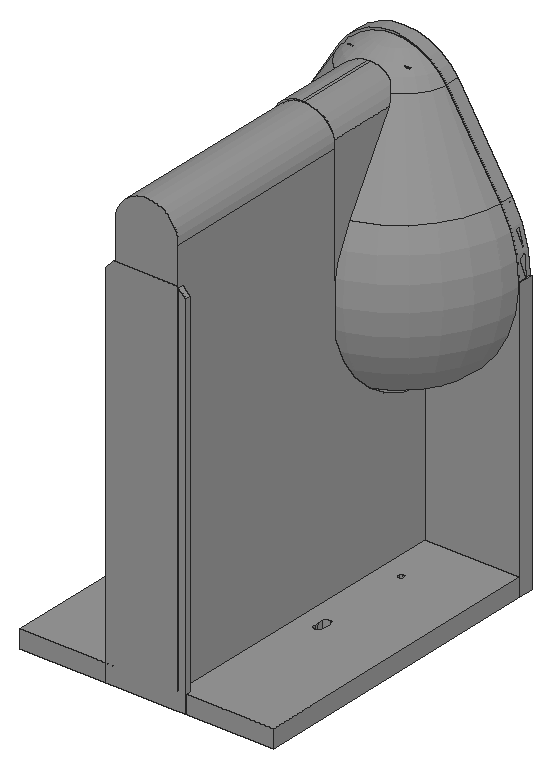
Revit family "Toilet-Willoughby-1490-ASETWS-FM-FA-TS-HC", category Plumbing Fixtures, Revit 2015
Parameters (values of type "Standard")
  Waste DIA = 2 3/8"
  Waste Connection = yes
  W-RAD [instance] = Waste DIA / 2  # 0' - 1 3/16"
  Vent Connection = no
  URL = "https://www.willoughby-ind.com/wp-content/uploads/2018/01/ASETWS-1490-FM-FA.pdf"
  Type Comments = ""
  Revision = "A"
  Model = "ASETWS-1490-FM-FA-TS-HC"
  Manufacturer = "Willoughby Industries"
  HW Connection = no
  Flush inlet DIA = 1 1/2"
  Flush Inlet Connection = yes
  Fixture Body = Stainless Steel AISI 304-Willoughby
  F-RAD [instance] = Flush inlet DIA / 2  # 0' - 0 3/4"
  Description = "Ligature resistant, Wall Outlet, Floor Mounted, siphon jet Toilet, Front Access, Top Spud, Handicap Seat Height"
  Default Elevation = 0' - 0"
  Contact Number = "(800) 428-4065"
  CW Connection = no
Reference planes (in)
  plane 1 "Base": y = -16.25
  plane 2: z = 0
  plane 3 "Center": x = 18.31072
  plane 4 "ref": y = -4.75
  plane 5: y = -1.25
  plane 6: z = -6.75
  plane 7: y = -2.125
  plane 8: y = -14.0625
  plane 9: x = 16.56072
  plane 10: x = 20.06072
  plane 11: x = 11.56072
  plane 12: x = 25.06072
  plane 13: z = -3
  plane 14: z = 25
  plane 15 "Waste HGT": y = -10.75
  plane 16: y = -3.125
  plane 17: y = -19.25
Forms (in)
  Extrusion 1, solid, material "Stainless Steel AISI 304-Willoughby" <- "Fixture Body"
    sketch origin (16.08109, 7.47968, -7.1422) x (-1, 0, 0) y (0, 0, -1)
      loop
        line (4.79775, -22.86304) -> (4.83287, -22.86304) -> (4.83287, -7.1422) -> (-2.22963, -7.1422) -> (-9.29213, -7.1422) -> (-9.29213, -22.86304) -> (-9.20225, -22.86304)
        arc (-9.20225, -22.86304) -> (-8.94967, -24.72647) -> (-8.21015, -26.45542) r 7
        line (-8.21015, -26.45542) -> (-5.16818, -31.31054)
        arc (-5.16818, -31.31054) -> (-2.20225, -32.95225) -> (0.76368, -31.31054) r 3.5
        line (0.76368, -31.31054) -> (3.80565, -26.45542)
        arc (3.80565, -26.45542) -> (4.54517, -24.72647) -> (4.79775, -22.86304) r 7
      loop
        arc (2.03989, -24.70557) -> (-2.20225, -18.23804) -> (-6.44438, -24.70557) r 4.625
        line (-6.44438, -24.70557) -> (-4.04125, -30.23842)
        arc (-4.04125, -30.23842) -> (-2.20225, -31.45225) -> (-0.36324, -30.23842) r 2
        line (-0.36324, -30.23842) -> (2.03989, -24.70557)
    from 8.72968 to 9.5
  Revolve 2, solid, material "Stainless Steel AISI 304-Willoughby" <- "Fixture Body"
    sketch origin (19.37246, -1.52032, -3.93826) x (-1, 0, 0) y (0, 0, -1)
      loop
        line (1.06174, -12.59906) -> (1.06174, -12.84906)
        arc (1.06174, -12.84906) -> (6.96784, -16.33096) -> (6.78077, -23.18447) r 6.75
        line (6.78077, -23.18447) -> (3.81535, -27.91457)
        arc (3.81535, -27.91457) -> (2.63527, -29.03194) -> (1.06174, -29.43826) r 3.25
        line (1.06174, -29.43826) -> (1.06174, -29.68826)
        arc (1.06174, -29.68826) -> (2.75672, -29.25045) -> (4.02767, -28.04656) r 3.5
        line (4.02767, -28.04656) -> (7.06964, -23.19143)
        arc (7.06964, -23.19143) -> (7.15052, -16.14555) -> (1.06174, -12.59906) r 7
      axis (1.06174, -12.59906) -> (1.06174, -29.68826)
    angle from 0 to -180
  Extrusion 3, solid, material "Stainless Steel AISI 304-Willoughby" <- "Fixture Body"
    sketch origin (19.53334, -3.02032, -4.9508) x (0, 1, 0) y (0, 0, 1)
      loop
        line (-5.27082, 4.9508) -> (1, 4.9508) -> (1, 13.76086)
        arc (1, 13.76086) -> (-2.93256, 15.26109) -> (-5.27082, 18.76086) r 6.92744
        line (-5.27082, 18.76086) -> (-5.27082, 4.9508)
    from 0.52738 to -2.97262
  Extrusion 4, solid, material "Stainless Steel AISI 304-Willoughby" <- "Fixture Body"
    sketch origin (0, 8.59309, -3) x (1, 0, 0) y (0, 1, 0)
      loop
        circle (18.31072, -19.34309) r 1.1875
    from 5.5 to 0
  Extrusion 5, solid, material "Stainless Steel AISI 304-Willoughby" <- "Fixture Body"
    sketch origin (0, -16.25, 0) x (1, 0, 0) y (0, 0, 1)
      loop
        line (25.37322, 0) -> (25.37322, 1) -> (11.24822, 1) -> (11.24822, 0) -> (25.37322, 0)
    from -14.22968 to 3
  Extrusion 6, solid, material "Stainless Steel AISI 304-Willoughby" <- "Fixture Body"
    sketch origin (0, -16.25, 0) x (1, 0, 0) y (0, 0, 1)
      loop
        line (20.06072, 0) -> (20.06072, 23.28412)
        arc (20.06072, 23.28412) -> (18.31072, 25.03412) -> (16.56072, 23.28412) r 1.75
        line (16.56072, 23.28412) -> (16.56072, 0) -> (20.06072, 0)
    from 3 to -7.95886
  Extrusion 7, solid, material "Stainless Steel AISI 304-Willoughby" <- "Fixture Body"
    sketch origin (-0.06578, -16.25, 7) x (1, 0, 0) y (0, 0, 1)
      loop
        line (20.06072, -7) -> (20.56072, -7) -> (20.56072, 13.75) -> (20.06072, 14.25) -> (16.56072, 14.25) -> (16.06072, 13.75) -> (16.06072, -7) -> (16.56072, -7) -> (20.06072, -7)
    from 3 to 2.73663
  Extrusion 8, solid, material "Stainless Steel AISI 304-Willoughby" <- "Fixture Body"
    sketch origin (18.31072, 0, 0) x (0, 1, 0) y (0, 0, 1)
      loop
        line (-3.0438, 25.03193) -> (-8.29114, 25.03193) -> (-8.29114, 16.73622)
        arc (-8.29114, 16.73622) -> (-8.25839, 17.11069) -> (-8.16113, 17.47379) r 2.15729
        arc (-8.16113, 17.47379) -> (-7.78826, 18.37428) -> (-7.33828, 19.23882) r 11.16687
        arc (-7.33828, 19.23882) -> (-5.85557, 21.70663) -> (-4.28753, 24.12112) r 82.3759
        arc (-4.28753, 24.12112) -> (-3.71235, 24.64027) -> (-3.0438, 25.03193) r 3.79911
    from 1.75 to -1.75
  Extrusion 9, void
    sketch origin (0, -16.25, 0) x (1, 0, 0) y (0, 0, 1)
      loop
        arc (16.43207, 23.28193) -> (16.94463, 24.51936) -> (18.18207, 25.03193) r 1.75
        line (18.18207, 25.03193) -> (16.43207, 25.03193) -> (16.43207, 23.28193)
    from -7.95886 to -13.18331
  Extrusion 10, void
    sketch origin (0, -16.25, 0) x (1, 0, 0) y (0, 0, 1)
      loop
        arc (18.34313, 25.03193) -> (19.49966, 24.59853) -> (20.12234, 23.53193) r 1.84176
        line (20.12234, 23.53193) -> (20.12234, 25.03193) -> (18.34313, 25.03193)
    from -7.95886 to -13.18919
  Revolve 11, solid
    sketch origin (18.31072, 0, 0) x (0, 1, 0) y (0, 0, 1)
      loop
        line (-1.25, 2.75) -> (-0.5, 2.75) -> (-0.5, 3.5) -> (-1.25, 3.5) -> (-1.25, 2.75)
      axis (-1.25, 2.75) -> (-0.5, 2.75)
    angle from 0 to 360
  Extrusion 12, void
    sketch origin (0, 0, 0) x (1, 0, 0) y (0, 1, 0)
      loop
        line (21.06072, -10.75) -> (21.06072, -11)
        arc (21.06072, -11) -> (21.31072, -11.25) -> (21.56072, -11) r 0.25
        line (21.56072, -11) -> (21.56072, -10.5)
        arc (21.56072, -10.5) -> (21.31072, -10.25) -> (21.06072, -10.5) r 0.25
        line (21.06072, -10.5) -> (21.06072, -10.75)
      loop
        circle (21.31072, -5.25) r 0.15625
      loop
        line (15.56072, -10.75) -> (15.56072, -10.5)
        arc (15.56072, -10.5) -> (15.31072, -10.25) -> (15.06072, -10.5) r 0.25
        line (15.06072, -10.5) -> (15.06072, -11)
        arc (15.06072, -11) -> (15.31072, -11.25) -> (15.56072, -11) r 0.25
        line (15.56072, -11) -> (15.56072, -10.75)
      loop
        circle (15.31072, -5.25) r 0.15625
    from 0 to 1.5
Cuts and joins
  Extrusion 12 cuts Extrusion 3
  Extrusion 12 cuts Extrusion 5
  Extrusion 12 cuts Extrusion 6
  joined: Extrusion 3, Extrusion 5, Extrusion 6
  Extrusion 9, Extrusion 10 cuts Extrusion 8
Lines and regions (in)
  symbolic lines
    curve 1: line (13.81072, -16.25, 0) -> (13.81072, -1.25, 0)
    curve 2: line (22.81072, -16.25, 0) -> (22.81072, -1.25, 0)
    curve 3: line (13.81072, -19.25, 0) -> (22.81072, -19.25, 0)
    curve 4: line (11.28334, -2.02032, 0) -> (11.28334, -1.25, 0)
    curve 5: line (11.28334, -1.25, 0) -> (25.28334, -1.25, 0)
    curve 6: line (25.28334, -1.25, 0) -> (25.28334, -2.02032, 0)
    curve 7: arc (25.28334, -2.02032, 0) -> (23.08185, -6.64916, 0) -> (18.31072, -8.52239, 0) r 6.97293
    curve 8: arc (18.31072, -8.52239, 0) -> (13.52793, -6.64299, 0) -> (11.28334, -2.02032, 0) r 7.06571
    curve 9: line (16.56072, -8.2982, 0) -> (16.56072, -19.25, 0)
    curve 10: line (20.06072, -19.25, 0) -> (20.06072, -8.30327, 0)
    curve 15: line (13.81072, -16.25, 0) -> (22.81072, -16.25, 0)
    curve 16: line (22.81072, -16.25, 0) -> (22.81072, -16.25, 1)
    curve 17: line (22.81072, -16.25, 1) -> (21.81072, -16.25, 1)
    curve 18: line (21.81072, -16.25, 0) -> (21.81072, -16.25, 9.67456)
    curve 19: line (14.78334, -16.25, 0) -> (14.78334, -16.25, 9.65867)
    curve 20: line (14.78334, -16.25, 1) -> (13.81072, -16.25, 1)
    curve 21: line (13.81072, -16.25, 1) -> (13.81072, -16.25, 0)
    curve 22: line (21.81072, -16.25, 5) -> (14.78334, -16.25, 5)
    curve 23: arc (21.81072, -16.25, 9.67456) -> (25.06245, -16.25, 13.97624) -> (24.29124, -16.25, 19.31322) r 7
    curve 24: line (24.29124, -16.25, 19.31322) -> (21.24927, -16.25, 24.16835)
    curve 25: arc (21.24927, -16.25, 24.16835) -> (19.98923, -16.25, 25.34792) -> (18.31072, -16.25, 25.75) r 3.37397
    curve 26: arc (18.31072, -16.25, 25.75) -> (16.62783, -16.25, 25.31163) -> (15.31741, -16.25, 24.16835) r 3.79331
    curve 27: line (15.31741, -16.25, 24.16835) -> (12.35249, -16.25, 19.43905)
    curve 28: arc (12.35249, -16.25, 19.43905) -> (11.49002, -16.25, 14.03241) -> (14.78334, -16.25, 9.65867) r 7
    curve 34: line (18.31072, -8.45513, 16.43593) -> (18.31072, -18.98663, 16.43593)
    curve 35: line (18.31072, -19.25, 16.5) -> (18.31072, -19.25, 0)
    curve 36: line (18.31072, -16.25, 0) -> (18.31072, 1.75, 0)
    curve 37: line (18.31072, -1.25, 5) -> (18.31072, -1.25, 25.81005)
    curve 38: line (18.31072, -1.25, 25.81005) -> (18.31072, -2.02032, 25.81005)
    curve 39: arc (18.31072, -2.02032, 25.81005) -> (18.31072, -3.17426, 25.3587) -> (18.31072, -4.14211, 24.58504) r 4.1253
    curve 40: line (18.31072, -4.14211, 24.58504) -> (18.31072, -7.52822, 19.25317)
    curve 41: arc (18.31072, -7.52822, 19.25317) -> (18.31072, -8.16721, 17.9023) -> (18.31072, -8.45513, 16.43593) r 6.04234
    curve 42: arc (18.31072, -8.45513, 16.43593) -> (18.31072, -8.2983, 15.12766) -> (18.31072, -8.29114, 13.81005) r 11.57712
    curve 43: arc (18.31072, -8.29114, 13.81005) -> (18.31072, -5.95289, 10.31029) -> (18.31072, -2.02032, 8.81005) r 6.92744
    curve 44: line (18.31072, -1.25, 9.65867) -> (18.31072, -2.02032, 9.65867)
    curve 45: line (18.31072, -2.02032, 9.65867) -> (18.31072, -2.02032, 1)
    curve 46: line (18.31072, -2.02032, 1) -> (18.31072, -19.25, 1)
  symbolic lines, detail levels medium+fine
    curve 11: line (20.06072, -19, 0) -> (20.56072, -19, 0)
    curve 12: line (20.56072, -19, 0) -> (20.56072, -19.25, 0)
    curve 13: line (16.49494, -18.98663, 0) -> (16.06072, -18.98663, 0)
    curve 14: line (16.06072, -18.98663, 0) -> (16.06072, -19.25, 0)
  symbolic lines, detail levels fine
    curve 29: arc (14.0412, -16.25, 17.56337) -> (18.28334, -16.25, 11.09585) -> (22.52547, -16.25, 17.56337) r 4.625
    curve 30: line (22.52547, -16.25, 17.56337) -> (20.12234, -16.25, 23.09622)
    curve 31: arc (20.12234, -16.25, 23.09622) -> (19.38317, -16.25, 23.97635) -> (18.28334, -16.25, 24.31005) r 2.01767
    curve 32: arc (18.28334, -16.25, 24.31005) -> (17.17969, -16.25, 23.98213) -> (16.44433, -16.25, 23.09622) r 1.9827
    curve 33: line (16.44433, -16.25, 23.09622) -> (14.0412, -16.25, 17.56337)
Dimensions and locks (in)
  locked: plane 1 "Base" to plane 5 at 15
  plane 14 to level = 2' - 1"
  plane 5 to plane 1 "Base" = 1' - 3"
  "W-RAD": radius of Extrusion 4 sketch curve
  aligned and locked: plane 3 "Center" to Extrusion 4 sketch curve
  aligned and locked: Extrusion 6 to plane 17
Automatic sketch dimensions
  curve 23 to curve 28 = 0' - 0"  (x2)
  curve 23 to curve 29 = 0' - 0"  (x2)
  curve 28 to curve 29 = 0' - 0"  (x2)
  curve 21 to level = 0' - 0"
  curve 25 to plane 3 "Center" = 0' - 0"
  curve 26 to plane 3 "Center" = 0' - 0"
  curve 29 to plane 3 "Center" = 0' - 0.02738"
  curve 32 to plane 3 "Center" = 0' - 0.03882"
  curve 31 to curve 32 = 0' - 0.0002"
  curve 33 to plane 9 = 0' - 0.11639"
  curve 27 to plane 9 = 0' - 1.24331"
  curve 19 to plane 9 = 0' - 1.77738"
  plane 11 to curve 33 = 0' - 2 123/256"
  curve 15 to curve 19 = 0' - 0.97262"
  plane 11 to curve 27 = 0' - 0.79177"
  plane 3 "Center" to curve 25 = 0' - 0.07942"
  plane 3 "Center" to curve 26 = 0' - 0.08929"
  plane 10 to curve 30 = 0' - 0.06162"
  curve 24 to plane 14 = 0' - 0.83165"
  plane 10 to curve 24 = 0' - 1.18855"
  plane 10 to curve 18 = 0' - 1 3/4"
  plane 10 to curve 30 = 0' - 2.46475"
  curve 17 to curve 16 = 0' - 1"
  curve 24 to plane 12 = 0' - 0.76948"
  curve 15 to curve 16 = 0' - 1"
  curve 15 to curve 21 = 0' - 1"
  curve 20 to curve 19 = 0' - 8.65867"
  curve 19 to curve 18 = 0' - 0.01589"
  curve 19 to curve 28 = 0' - 6.06218"
  curve 33 to curve 27 = 0' - 1.87568"
  curve 26 to plane 14 = 0' - 3.04226"
  curve 31 to curve 25 = 0' - 0.08455"
  curve 31 to curve 32 = 0' - 0.03496"
  curve 33 to curve 26 = 0' - 1.07212"
  curve 30 to curve 24 = 0' - 1.07212"
  curve 17 to curve 22 = 0' - 4"
  Revolve 2 sketch curve to Revolve 2 sketch curve = 0' - 0"  (x2)
  Revolve 2 sketch curve to plane 3 "Center" = 0' - 0"  (x3)
  plane 3 "Center" to Revolve 2 sketch curve = 0' - 0"
  Revolve 2 sketch curve to plane 9 = 0' - 1.00361"
  Revolve 2 sketch curve to plane 14 = 0' - 0.8917"
  Revolve 2 sketch curve to Revolve 2 sketch curve = 0' - 0.21232"
  plane 11 to Revolve 2 sketch curve = 0' - 1.03097"
  Revolve 2 sketch curve to Revolve 2 sketch curve = 0' - 0.28887"
  plane 14 to Revolve 2 sketch curve = 0' - 0 1/2"
  Revolve 2 sketch curve to Revolve 2 sketch curve = 0' - 0 1/4"
  Revolve 2 sketch curve to Revolve 2 sketch curve = 0' - 0.13199"
  Revolve 2 sketch curve to Revolve 2 sketch curve = 0' - 4.85513"
  Revolve 2 sketch curve to Revolve 2 sketch curve = 0' - 0.00696"
  Revolve 2 sketch curve to Revolve 2 sketch curve = 0' - 6.5892"
  Revolve 2 sketch curve to Revolve 2 sketch curve = 0' - 3 1/4"
  Revolve 2 sketch curve to Revolve 2 sketch curve = 0' - 2.4108"
  Extrusion 3 sketch curve to level = 0' - 0"
  plane 4 "ref" to Extrusion 3 sketch curve = 0' - 3.54114"
  plane 7 to Extrusion 3 sketch curve = 0' - 0.10468"
  plane 5 to Extrusion 3 sketch curve = 0' - 0.38413"
  Extrusion 3 sketch curve to Extrusion 3 sketch curve = 0' - 8.81005"
  Extrusion 3 sketch curve to Extrusion 3 sketch curve = 0' - 5"
  Extrusion 6 sketch curve to level = 0' - 0"
  Extrusion 6 sketch curve to plane 9 = 0' - 0"
  Extrusion 6 sketch curve to plane 3 "Center" = 0' - 0"
  Extrusion 6 sketch curve to plane 14 = 0' - 1.71588"
  Extrusion 7 sketch curve to level = 0' - 0"
  Extrusion 7 sketch curve to plane 9 = 0' - 0.56578"
  Extrusion 7 sketch curve to plane 9 = 0' - 0.06578"  (x2)
  Extrusion 7 sketch curve to plane 10 = 0' - 0.06578"  (x2)
  plane 10 to Extrusion 7 sketch curve = 0' - 0.43422"
  Extrusion 7 sketch curve to plane 14 = 0' - 4 1/4"  (x2)
  Extrusion 7 sketch curve to Extrusion 7 sketch curve = 0' - 0 1/2"
  plane 14 to Extrusion 8 sketch curve = 0' - 0.03193"
  plane 4 "ref" to Extrusion 8 sketch curve = 0' - 3.54114"
  plane 4 "ref" to Extrusion 8 sketch curve = 0' - 1.38385"
  Extrusion 8 sketch curve to plane 7 = 0' - 0.9188"
  plane 5 to Extrusion 8 sketch curve = 0' - 0.21771"
  Extrusion 8 sketch curve to plane 6 = 1' - 3.19552"
  Extrusion 8 sketch curve to plane 14 = 0' - 11.34412"
  Extrusion 8 sketch curve to plane 14 = 0' - 8.26378"
  Extrusion 8 sketch curve to plane 14 = 0' - 3.42484"
  Extrusion 8 sketch curve to Extrusion 8 sketch curve = 0' - 0"  (x2)
  plane 14 to Extrusion 9 sketch curve = 0' - 0.03193"
  Extrusion 9 sketch curve to plane 9 = 0' - 0.12865"
  Extrusion 9 sketch curve to plane 3 "Center" = 0' - 0.12865"
  plane 3 "Center" to Extrusion 10 sketch curve = 0' - 0.0018"
  plane 14 to Extrusion 10 sketch curve = 0' - 0.03193"
  plane 10 to Extrusion 10 sketch curve = 0' - 0.06162"
  plane 3 "Center" to Extrusion 10 sketch curve = 0' - 0.03241"
  Extrusion 10 sketch curve to plane 14 = 0' - 1.46807"
  Extrusion 4 sketch curve to plane 15 "Waste HGT" = 0' - 0"
  Extrusion 8 sketch curve to plane 5 = 0' - 3.58279"
  Extrusion 8 sketch curve to plane 5 = 5' - 5.25343"
  curve 35 to plane 17 = 0' - 0"
  curve 36 to level = 0' - 0"
  curve 36 to plane 1 "Base" = 0' - 0"
  curve 37 to plane 5 = 0' - 0"
  curve 35 to level = 0' - 0"
  curve 42 to plane 17 = 0' - 0.6029"
  plane 15 "Waste HGT" to curve 34 = 0' - 2.29487"
  plane 4 "ref" to curve 40 = 0' - 2.77822"
  curve 40 to plane 4 "ref" = 0' - 0.60789"
  curve 41 to plane 7 = 0' - 0.30255"
  plane 7 to curve 45 = 0' - 0.10468"
  plane 7 to curve 38 = 0' - 0.10468"
  plane 5 to curve 43 = 0' - 0.38413"
  curve 39 to plane 5 = 0' - 0.13839"
  level to curve 45 = 0' - 1"
  curve 45 to curve 44 = 0' - 8.65867"
  curve 42 to plane 14 = 0' - 10.59394"
  curve 44 to curve 43 = 0' - 6.06805"
  curve 43 to curve 41 = 0' - 0.28717"
  curve 41 to curve 34 = 0' - 0.42205"
  curve 39 to plane 14 = 0' - 3.21392"
  curve 40 to plane 14 = 0' - 0.41496"
  plane 17 to curve 34 = 0' - 0.26337"
  plane 15 "Waste HGT" to curve 42 = 0' - 2.45886"
  curve 36 to plane 5 = 0' - 3"
  curve 37 to curve 43 = 0' - 3.81005"
  curve 34 to curve 35 = 0' - 0.06407"
  plane 5 to curve 4 = 0' - 0"
  curve 3 to plane 17 = 0' - 0"
  plane 1 "Base" to curve 1 = 0' - 0"
  curve 9 to plane 9 = 0' - 0"
  curve 7 to plane 3 "Center" = 0' - 0"
  curve 8 to plane 3 "Center" = 0' - 0"
  curve 11 to plane 10 = 0' - 0"
  plane 1 "Base" to curve 2 = 0' - 0"
  curve 13 to plane 9 = 0' - 0 1/2"
  curve 5 to plane 11 = 0' - 0.27738"
  plane 3 "Center" to curve 7 = 0' - 0 1/64"
  plane 3 "Center" to curve 8 = 0' - 0.01581"
  plane 10 to curve 12 = 0' - 0 1/2"
  curve 8 to curve 5 = 0' - 6.9568"
  curve 12 to curve 11 = 0' - 0 1/4"
  plane 17 to curve 14 = 0' - 0.26337"
  plane 7 to curve 4 = 0' - 0.10468"
  plane 7 to curve 6 = 0' - 0.10468"
  curve 13 to plane 9 = 0' - 0.06578"
  plane 11 to curve 1 = 0' - 2 1/4"
  curve 3 to curve 14 = 0' - 2 1/4"
  curve 2 to plane 12 = 0' - 2 1/4"
  curve 3 to plane 12 = 0' - 2 1/4"
  Revolve 11 sketch curve to plane 5 = 0' - 0"  (x2)
  Revolve 11 sketch curve to Revolve 11 sketch curve = 0' - 0 3/4"  (x3)
  level to Revolve 11 sketch curve = 0' - 2 3/4"
  Revolve 11 sketch curve to Revolve 11 sketch curve = 0' - 0"
  Extrusion 1 sketch curve to Extrusion 1 sketch curve = 0' - 0"  (x6)
  Extrusion 1 sketch curve to level = 0' - 0"
  Extrusion 1 sketch curve to plane 3 "Center" = 0' - 0"
  plane 10 to Extrusion 1 sketch curve = 0' - 0.06162"
  plane 10 to Extrusion 1 sketch curve = 0' - 1.18855"
  plane 10 to Extrusion 1 sketch curve = 0' - 2.46475"
  Extrusion 1 sketch curve to plane 12 = 0' - 0.76948"
  plane 12 to Extrusion 1 sketch curve = 0' - 0.22262"
  plane 12 to Extrusion 1 sketch curve = 0' - 0 5/16"
  Extrusion 1 sketch curve to plane 3 "Center" = 0' - 0.02738"  (x2)
  Extrusion 1 sketch curve to plane 9 = 0' - 0.11639"
  Extrusion 1 sketch curve to plane 14 = 0' - 0.83165"
  Extrusion 1 sketch curve to plane 9 = 0' - 1.24331"
  plane 11 to Extrusion 1 sketch curve = 0' - 0.71472"
  Extrusion 1 sketch curve to plane 11 = 0' - 0 5/16"
  Extrusion 1 sketch curve to Extrusion 1 sketch curve = 0' - 1.07212"
  Extrusion 1 sketch curve to Extrusion 1 sketch curve = 0' - 0.78617"
  Extrusion 1 sketch curve to Extrusion 1 sketch curve = 0' - 3.783"
  Extrusion 1 sketch curve to Extrusion 1 sketch curve = 0' - 1.74985"
  Extrusion 1 sketch curve to Extrusion 1 sketch curve = 0' - 1.84253"
  Extrusion 1 sketch curve to Extrusion 1 sketch curve = 0' - 0.03512"
  Extrusion 5 sketch curve to level = 0' - 0"
  Extrusion 5 sketch curve to plane 11 = 0' - 0 5/16"
  plane 12 to Extrusion 5 sketch curve = 0' - 0 5/16"
  level to Extrusion 5 sketch curve = 0' - 1"
  Extrusion 12 sketch curve to plane 15 "Waste HGT" = 0' - 0"  (x2)
  Extrusion 12 sketch curve to plane 15 "Waste HGT" = 0' - 0 1/4"  (x2)
  Extrusion 12 sketch curve to plane 9 = 0' - 1 1/2"
  plane 4 "ref" to Extrusion 12 sketch curve = 0' - 0 1/2"  (x2)
  Extrusion 12 sketch curve to plane 9 = 0' - 1 1/4"
  Extrusion 12 sketch curve to Extrusion 12 sketch curve = 0' - 0 1/4"  (x3)
  plane 10 to Extrusion 12 sketch curve = 0' - 1"
  plane 10 to Extrusion 12 sketch curve = 0' - 1 1/4"
  plane 15 "Waste HGT" to Extrusion 12 sketch curve = 0' - 0 1/4"
  radius of Extrusion 12 sketch curve = 0' - 0 5/32"  (x2)
Connectors (in)
  piping at (18.31072, -10.75, -3), diameter 2.375, driven by "W-RAD", driven by "Waste Connection"
    settings: on Extrusion 4, index 1, connector inside diameter 2 1/2", connector length 0' - 0", flow factor 0, pipe flow 0 GPM, pressure drop 0.00 psi, fitting loss kfactor 0, connector angle 0.00°, fixture units 0, engagement length 0' - 0", angle of deflection 0.00°, flow configuration 0, flow direction 2, fitting loss method 0, system type 16, joint type 0, gender type 0, connector reference index -1, connector utility 1, adjustable connector yes, is connector primary yes, connector description "Toilet Waste"
